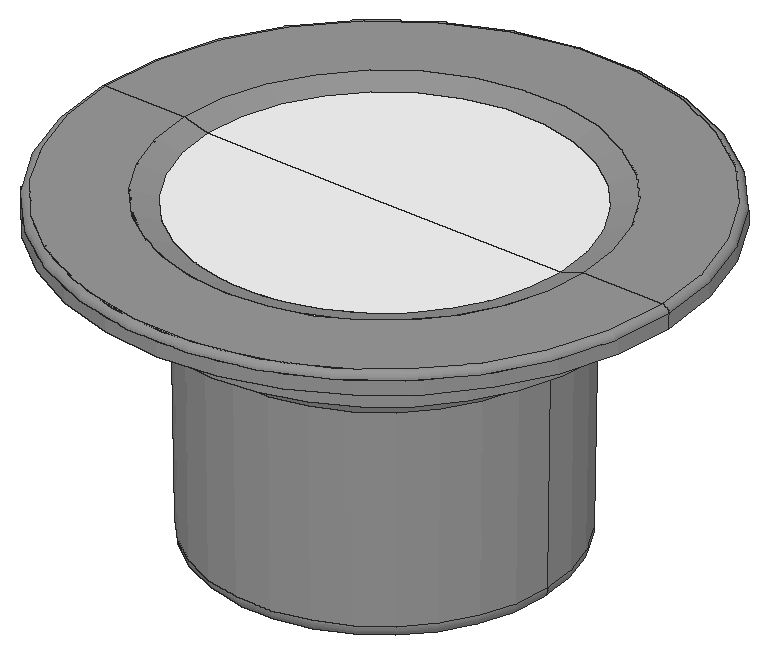
Revit family "0005371", category Lighting Fixtures, host Face, Revit 2016
Family settings
  Host = Face
  Part Type = Normal
  Round Connector Dimension = Use Diameter
  OmniClass Number = 23.80.70.00
  OmniClass Title = Lighting
  Cut with Voids When Loaded = No
  Light Source = Yes
  Shared = No
  Room Calculation Point = No
Parameters (values of type "0005371 START eco Spot 480lm 840 IP44 WHT")
  Weight = "kg"
  Wattage Comments = ""
  Wattage = 5 W
  WarrantyStartDate [instance] = "n/a"
  WarrantyGuarantorParts = "n/a"
  WarrantyDurationUnit = "n/a"
  WarrantyDurationParts = "n/a"
  WarrantyDescription = "n/a"
  built-in parameter 1150110 = 1 (stored number, unit not read)
  Voltage = 230 V
  URL = "http://www.sylvania-lighting.com"
  TypeName = "Start eco Spot 480lm 840 IP44 WHT"
  Type Image = <None>
  Type Comments = "n/a"
  built-in parameter 1114217 = 1 (stored number, unit not read)
  Tilt Angle = -90.00°
  built-in parameter 1150109 = 1 (stored number, unit not read)
  built-in parameter 1150134 = 12
  built-in parameter 1150113 = 1 (stored number, unit not read)
  SerialNumber [instance] = "n/a"
  Photometric Web File = "0005371.ies"
  Material_3_SYL = none
  PowerFactor = 0
  PowerConsumption = "5 W"
  NominalLength = 87 mm
  NominalHeight = 47 mm
  NominalDepth = 87 mm
  Name = "Start eco Spot 480lm 840 IP44 WHT"
  ModelReference = Name  # "Start eco Spot 480lm 840 IP44 WHT"
  ModelNumber = "0005371"
  Model = Name  # "Start eco Spot 480lm 840 IP44 WHT"
  Material = "n/a"
  ManufacturerName = "Feilo Sylvania"
  Manufacturer = "Feilo Sylvania"
  LuminousEfficacy = "96 lm/W"
  built-in parameter 1150105 = 777.94 (stored number, unit not read)
  Lumens = 480 lm
  LuminaireType = ""
  built-in parameter 1150115 = 1 (stored number, unit not read)
  LightOutputRatio = "n/a"
  built-in parameter 1150137 = (empty or 0)
  built-in parameter 1150139 = (empty or 0)
  LampsType = Lamp  # "LED"
  LampNominalLuminous = "n/a"
  LampMacAdamStep = "n/a"
  LampColourTemperature = "4000 K"
  LampColourRenderingIndex = "n/a"
  built-in parameter 1150112 = 1 (stored number, unit not read)
  built-in parameter 1150114 = 1 (stored number, unit not read)
  Lamp = "LED"
  Keynote = "16500"
  InstallationDate [instance] = "n/a"
  InputVoltage = "220-240 V~"
  InputNominalFrequency = "50/60/Hz"
  built-in parameter 1150132 = (empty or 0)
  built-in parameter 1150102 = (empty or 0)
  built-in parameter 1150107 = 4000 (stored number, unit not read)
  built-in parameter 1150138 = (empty or 0)
  IngressProtection = "IP20/IP44"
  ImpactProtectionIndex = "IK03"
  built-in parameter 1150106 = 7.7794 (stored number, unit not read)
  IfcExportType = "IfcLightFixtureType"
  IfcExportAs = "IfcLightFixtureType"
  Emit from Circle Diameter = 54 mm
  Emit Shape Visible in Rendering = no
  ElectricShockClassification = "Class II"
  built-in parameter 1150104 = 8.9187 (stored number, unit not read)
  DocumentationLiterature = "http://www.sylvania-lighting.com/product/en-int/products/0005371"
  DimmingControlOptions = "Non dimmable"
  Material_2_SYL = Diffuser-Sylvania
  Dimming Lamp Color Temperature Shift = <None>
  Description = ""
  Default Elevation = 1219.2 mm
  CreatedOn = "3/7/2019"
  CreatedBy = "@sylvania-lighting.com"
  Cost = 0
  Color Filter = 16777215
  built-in parameter 1114216 [instance] = (empty or 0)
  ClassificationValue = "EF_70_80"
  ClassificationName = "Uniclass2015"
  Material_1_SYL = Plastic, Opaque White
  BarCode [instance] = "n/a"
  built-in parameter 1114218 = 1 (stored number, unit not read)
  built-in parameter 1150133 = 10 (stored number, unit not read)
  AssetType = "Fixed"
  AssetIdentifier [instance] = "n/a"
  Assembly Code = "D5020200"
  Apparent Load = 5 VA
  Material_4_SYL = none
Reference planes
  plane 1 "Center (Front/Back)": y = 0
  plane 2: z = 0
  plane 3 "Center (Left/Right)": x = 0
  plane 4: x = -35
  plane 5: z = -100
  plane 6: z = 3
  plane 7: x = -43.5
  plane 8: z = 2
  plane 9: x = -42.5
  plane 10: x = -30.5
  plane 11: x = -27
  plane 12: x = -33
  plane 13: z = -7.5
  plane 14: z = -9.5
  plane 15: x = -25.5
  plane 16: z = -12.5
  plane 17: z = -44
  plane 18: x = -25
Forms (mm)
  Revolve 1, void
    sketch origin (0, 0, 0) x (1, 0, 0) y (0, 0, 1)
      loop
        line (0, 0) -> (-35, 0) -> (-35, -100) -> (0, -100) -> (0, 0)
      axis (0, 0) -> (0, -100)
    angle from 360 to 0
  Revolve 2, solid, material "Plastic, Opaque White" <- "Material_1_SYL"
    sketch origin (0, 0, 0) x (1, 0, 0) y (0, 0, 1)
      loop
        line (0, 2) -> (-27, 2) -> (-30.5, 3) -> (-42.5, 3)
        arc (-42.5, 3) -> (-43.207, 2.707) -> (-43.5, 2) r 1
        line (-43.5, 2) -> (-43.5, 0) -> (-33, 0) -> (-33, -7.5) -> (-27, -7.5) -> (-27, -9.5) -> (-25.5, -12.5) -> (-25.031, -42.032)
        arc (-25.031, -42.032) -> (-24.434, -43.425) -> (-23.031, -44) r 2
        line (-23.031, -44) -> (0, -44) -> (0, 2)
      axis (0, 3) -> (0, -44)
    angle from 360 to 0
Lines and regions (mm)
  reference lines
    curve 1: line (-25, 0, -44) -> (-25.5, 0, -12.5)
Dimensions and locks
  locked: plane 3 "Center (Left/Right)" to plane 4 at 35
  locked: plane 2 to plane 5 at 100
  locked: plane 6 to plane 2 at 3
  locked: plane 3 "Center (Left/Right)" to plane 7 at 43.5
  locked: plane 6 to plane 8 at 1
  locked: plane 9 to plane 7 at 1
  locked: plane 3 "Center (Left/Right)" to plane 10 at 30.5
  locked: plane 3 "Center (Left/Right)" to plane 11 at 27
  locked: plane 3 "Center (Left/Right)" to plane 12 at 33
  locked: plane 2 to plane 13 at 7.5
  locked: plane 13 to plane 14 at 2
  locked: plane 3 "Center (Left/Right)" to plane 15 at 25.5
  locked: plane 14 to plane 16 at 3
  locked: plane 6 to plane 17 at 47
  locked: plane 3 "Center (Left/Right)" to plane 18 at 25
  aligned and locked: plane 2 to host face
  aligned and locked: level to host face
  aligned and locked: Revolve 1 sketch curve to plane 3 "Center (Left/Right)"
  aligned and locked: level to Revolve 1 sketch curve
  aligned and locked: plane 3 "Center (Left/Right)" to Revolve 1 sketch curve
  aligned and locked: Revolve 1 sketch curve to plane 4
  aligned and locked: plane 5 to Revolve 1 sketch curve
  aligned and locked: plane 3 "Center (Left/Right)" to Revolve 2 sketch curve  (x2)
  aligned and locked: Revolve 2 sketch curve to plane 8
  aligned and locked: plane 6 to Revolve 2 sketch curve
  aligned and locked: Revolve 2 sketch curve to plane 6
  aligned and locked: level to Revolve 2 sketch curve
  aligned and locked: Revolve 2 sketch curve to plane 7
  aligned and locked: plane 12 to Revolve 2 sketch curve
  aligned and locked: Revolve 2 sketch curve to level
  aligned and locked: Revolve 2 sketch curve to plane 12
  aligned and locked: plane 13 to Revolve 2 sketch curve
  aligned and locked: plane 9 to Revolve 2 sketch curve
  aligned and locked: plane 8 to Revolve 2 sketch curve
  aligned and locked: plane 14 to Revolve 2 sketch curve
  aligned and locked: Revolve 2 sketch curve to plane 11
  aligned and locked: plane 15 to Revolve 2 sketch curve
  aligned and locked: plane 17 to Revolve 2 sketch curve
  aligned and locked: plane 18 to curve 1
  aligned and locked: plane 17 to curve 1
  aligned and locked: plane 16 to curve 1
  aligned and locked: plane 15 to curve 1
  aligned and locked: Revolve 2 sketch curve to curve 1
  aligned and locked: plane 3 "Center (Left/Right)" to imposter light
  aligned and locked: imposter light to plane 8
  aligned and locked: imposter light to plane 1 "Center (Front/Back)"
Connectors
  electrical at (0, 0, 0), driven by "Apparent Load", driven by "PowerFactor", driven by "Voltage"
    settings: index 1, voltage 230 V, apparent load 5 VA, apparent load phase1 0 VA, apparent load phase2 0 VA, apparent load phase3 0 VA, power factor 0, load classification "Lighting", number of poles 1, system type 30, power factor state 1, is connector primary yes, connector utility no, sub classification motor no, connector description ""
